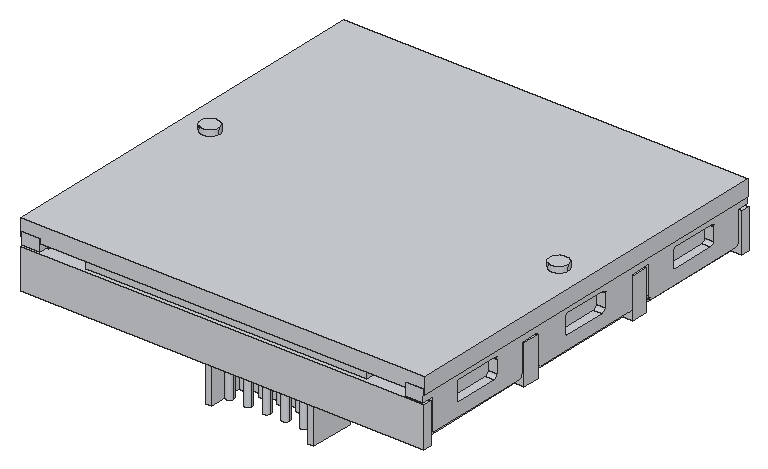
Revit family "Gira_510300", category Generic Models, host Face, Revit 2017
Family settings
  Host = Face
  Can host rebar = No
  Round Connector Dimension = Use Diameter
  Part Type = Normal
  Cut with Voids When Loaded = No
  Shared = No
  Room Calculation Point = No
Parameters (values of type "RF PB sens. 3-g KNX")
  With room temperature controller = no
  With label area = no
  With display = no
  With anti-theft/dismantling protection = no
  With IR sensor = no
  URL = "https://www.gira.de/"
  Type Comments = ""
  Transparent = no
  Surface protection = "Sonstige (*de-DE)"
  Surface finishing = "Not applicable"
  Number of buttons = 3
  Number of actuation points = 6
  Model = ""
  Material quality = "Sonstige (*de-DE)"
  Material = "Sonstige (*de-DE)"
  Manufacturer = "Gira"
  Keynote = ""
  HeinzeBIM = "https://www.heinze.de/bim/rf-pb-sens-3-g-knx/c2e1978726a777219db44485629d34b0aefbabc7"
  HAN = "510300"
  GTIN = "4010337017257"
  Description = "RF PB sens.3g KNX KNX RF pushbutton sensor 3-gang System 55   Gira E22 Start-up rocker The KNX RF pushbutton sensors transmit KNX telegrams wirelessly when the button is pressed, depending on the parameter settings when the application program is loaded. These could be e.g. telegrams for switching pressing, for dimming or blind control. It is also possible to program encoder functions (dimming encoders and scene auxiliary units).,Features: - Confirmation function as well as transmit and status display via two-colour LED (red green) separately for each button by 2-stage display function. - Optional status display by separate 1-bit status communication objects. - Transmit and confirmation display deactivatable. - The pushbutton sensor can be attached to walls using screws or affixed to smooth or transparent surfaces using a mounting plate. - Project planning, start-up and parameter setting are performed using ETS (version 5 or later). - Battery-operated device. Switching\" function: - Rocker or button function. - Command for pressing and releasing can be parameterised (ON, OFF, CHANGE, no reaction). \"Dimming\" function: - Rocker function. - Command when the rocker is pressed (right and left button) can be set in the parameters (lighter - ON, darker - OFF). \"Blind\" function: - Rocker function. - Command when the rocker is pressed (right and left button) can be set in the parameters (ON, OFF, CHANGE). - Time between short and long-term command can be set in the parameters. \"Value transmitter\" and \"Scene auxiliary unit\" functions: - Rocker function. - Command when the rocker is pressed (right and left button) can be set in the parameters (values 0 to 255, 0 to 100% or scene number). - With scene auxiliary unit: Memory function possible.,Notes : - Batteries are consumables and must be replaced regularly. Please observe the regulations on the disposal of used batteries. - The pushbutton sensor is supplied with a program-neutral start-up rocker. The suitable rocker set for the design line must be ordered separately. - The range can be reduced when using rocker sets and or cover frames.\""
  Default Elevation = 1219.2 mm
  Cost = 0
  Colour = "Sonstige (*de-DE)"
  Bus connection included = no
  BIMSITE_PRODUCT_ID = "c2e1978726a777219db44485629d34b0aefbabc7"
  BIM = "https://media.live.bim.site/t/eyJhbGciOiJIUzI1NiIsInR5cCI6IkpXVCJ9.eyJjdCI6MSwidGYiOiJwdWJsaWMvZ2lyYS8wOWY1ZGI1L1NZUzU1X1Rhc3RzZW5zb3IucmZhIiwiY2lkIjoiZmVkOThlOWEtMWJkOC00YzY4LWE3M2ItNzRhOTRlMzE1ODIzIiwicmlkIjoiNTA4YWQ4NTczMzBmMGExMmYzOWVkYjllZDNkYTJiZTEiLCJwaWQiOiJjMmUxOTc4NzI2YTc3NzIxOWRiNDQ0ODU2MjlkMzRiMGFlZmJhYmM3Iiwic2lkIjoiNjM0NzAiLCJ1dCI6NSwibGMiOiJlbiIsImlhdCI6MTYwNzQ0MTc2MSwiaXNzIjoiaHR0cHM6Ly9hcGkubGl2ZS5iaW0uc2l0ZSIsInN1YiI6IjhkM2FhNWNiLWUwNjYtNDU5OC1iZTE2LTZlMTZlZTc0OTU2YSJ9.gYkx0-MF0qGeVHjFl4kVQOYfbABWUJ2Arncg4Ly8rng/SYS55_Tastsensor.rfa"
  Assembly Code = ""
Reference planes
  plane 1 "Center (Front/Back)": y = 0
  plane 2: z = 0
  plane 3 "Center (Left/Right)": x = 0
Forms (mm)
  Extrusion 1, solid, detail levels fine
    sketch origin (0, 0, 0) x (1, 0, 0) y (0, 1, 0)
      loop
        line (-6.6, -21.3) -> (-6.6, -16) -> (6.6, -16) -> (6.6, -21.3) -> (7.4, -21.3) -> (7.4, -15.2) -> (-7.4, -15.2) -> (-7.4, -21.3) -> (-6.6, -21.3)
    from -9.5 to -1.5
  Extrusion 2, solid, detail levels fine
    sketch origin (0, 0, 0) x (1, 0, 0) y (0, 1, 0)
      loop
        circle (-5.08, -17.5) r 0.5
      loop
        circle (-2.54, -17.48) r 0.5
      loop
        circle (0, -17.5) r 0.5
      loop
        circle (2.54, -17.48) r 0.5
      loop
        circle (5.08, -17.5) r 0.5
      loop
        circle (5.08, -20.04) r 0.5
      loop
        circle (2.54, -20.02) r 0.5
      loop
        circle (0, -20.04) r 0.5
      loop
        circle (-2.54, -20.02) r 0.5
      loop
        circle (-5.08, -20.04) r 0.5
    from -8.48 to -1.5
  Extrusion 3, solid, detail levels fine
    sketch origin (0, 0, 0) x (1, 0, 0) y (0, 1, 0)
      loop
        arc (-23.95, -19.15) -> (-22.544, -22.544) -> (-19.15, -23.95) r 4.8
        line (-19.15, -23.95) -> (19.15, -23.95)
        arc (19.15, -23.95) -> (22.544, -22.544) -> (23.95, -19.15) r 4.8
        line (23.95, -19.15) -> (23.95, 19.15)
        arc (23.95, 19.15) -> (22.544, 22.544) -> (19.15, 23.95) r 4.8
        line (19.15, 23.95) -> (-19.15, 23.95)
        arc (-19.15, 23.95) -> (-22.544, 22.544) -> (-23.95, 19.15) r 4.8
        line (-23.95, 19.15) -> (-23.95, -19.15)
    from -1.5 to 0.5
  Extrusion 4, solid, detail levels fine
    sketch origin (0, 0, 0) x (1, 0, 0) y (0, 1, 0)
      loop
        line (27.6, -27.7) -> (27.6, -26.6) -> (26.1, -26.6) -> (26.1, -10.4) -> (27.45, -10.4) -> (27.45, -8.1) -> (26.1, -8.1) -> (26.1, 8.1) -> (27.45, 8.1) -> (27.45, 10.4) -> (26.1, 10.4) -> (26.1, 26.6) -> (27.6, 26.6) -> (27.6, 27.7) -> (-27.6, 27.7) -> (-27.6, 26.6) -> (-26.1, 26.6) -> (-26.1, 10.4) -> (-27.45, 10.4) -> (-27.45, 8.1) -> (-26.1, 8.1) -> (-26.1, -8.1) -> (-27.45, -8.1) -> (-27.45, -10.4) -> (-26.1, -10.4) -> (-26.1, -26.6) -> (-27.6, -26.6) -> (-27.6, -27.7) -> (27.6, -27.7)
    from 0 to 5.44
  Extrusion 5, solid, detail levels fine
    sketch origin (0, 0, 0) x (0, 1, 0) y (0, 0, 1)
      loop
        arc (15.5, 5.92) -> (15.146, 5.774) -> (15, 5.42) r 0.5
        line (15, 5.42) -> (15, 3.62)
        arc (15, 3.62) -> (15.146, 3.267) -> (15.5, 3.12) r 0.5
        line (15.5, 3.12) -> (21.5, 3.12)
        arc (21.5, 3.12) -> (21.854, 3.267) -> (22, 3.62) r 0.5
        line (22, 3.62) -> (22, 5.42)
        arc (22, 5.42) -> (21.854, 5.774) -> (21.5, 5.92) r 0.5
        line (21.5, 5.92) -> (15.5, 5.92)
      loop
        line (11.4, 1.3) -> (25.6, 1.3)
        arc (25.6, 1.3) -> (25.954, 1.446) -> (26.1, 1.8) r 0.5
        line (26.1, 1.8) -> (26.1, 5.7) -> (27.65, 5.7) -> (27.635, 7.4) -> (-27.635, 7.4) -> (-27.65, 5.7) -> (-26.1, 5.7) -> (-26.1, 1.8)
        arc (-26.1, 1.8) -> (-25.954, 1.446) -> (-25.6, 1.3) r 0.5
        line (-25.6, 1.3) -> (-11.4, 1.3)
        arc (-11.4, 1.3) -> (-11.046, 1.446) -> (-10.9, 1.8) r 0.5
        line (-10.9, 1.8) -> (-10.9, 5.7) -> (-8.05, 5.7) -> (-8.05, 1.8)
        arc (-8.05, 1.8) -> (-7.904, 1.446) -> (-7.55, 1.3) r 0.5
        line (-7.55, 1.3) -> (7.55, 1.3)
        arc (7.55, 1.3) -> (7.904, 1.446) -> (8.05, 1.8) r 0.5
        line (8.05, 1.8) -> (8.05, 5.7) -> (10.9, 5.7) -> (10.9, 1.8)
        arc (10.9, 1.8) -> (11.046, 1.446) -> (11.4, 1.3) r 0.5
      loop
        line (3, 5.92) -> (-3, 5.92)
        arc (-3, 5.92) -> (-3.354, 5.774) -> (-3.5, 5.42) r 0.5
        line (-3.5, 5.42) -> (-3.5, 3.62)
        arc (-3.5, 3.62) -> (-3.354, 3.267) -> (-3, 3.12) r 0.5
        line (-3, 3.12) -> (3, 3.12)
        arc (3, 3.12) -> (3.354, 3.267) -> (3.5, 3.62) r 0.5
        line (3.5, 3.62) -> (3.5, 5.42)
        arc (3.5, 5.42) -> (3.354, 5.774) -> (3, 5.92) r 0.5
      loop
        arc (-15.5, 3.12) -> (-15.146, 3.267) -> (-15, 3.62) r 0.5
        line (-15, 3.62) -> (-15, 5.42)
        arc (-15, 5.42) -> (-15.146, 5.774) -> (-15.5, 5.92) r 0.5
        line (-15.5, 5.92) -> (-21.5, 5.92)
        arc (-21.5, 5.92) -> (-21.854, 5.774) -> (-22, 5.42) r 0.5
        line (-22, 5.42) -> (-22, 3.62)
        arc (-22, 3.62) -> (-21.854, 3.267) -> (-21.5, 3.12) r 0.5
        line (-21.5, 3.12) -> (-15.5, 3.12)
    from -27.45 to -25
  Extrusion 6, solid, detail levels fine
    sketch origin (0, 0, 0) x (0, 1, 0) y (0, 0, -1)
      loop
        line (15.5, -5.92) -> (21.5, -5.92)
        arc (21.5, -5.92) -> (21.854, -5.774) -> (22, -5.42) r 0.5
        line (22, -5.42) -> (22, -3.62)
        arc (22, -3.62) -> (21.854, -3.267) -> (21.5, -3.12) r 0.5
        line (21.5, -3.12) -> (15.5, -3.12)
        arc (15.5, -3.12) -> (15.146, -3.267) -> (15, -3.62) r 0.5
        line (15, -3.62) -> (15, -5.42)
        arc (15, -5.42) -> (15.146, -5.774) -> (15.5, -5.92) r 0.5
      loop
        arc (11.4, -1.3) -> (11.046, -1.446) -> (10.9, -1.8) r 0.5
        line (10.9, -1.8) -> (10.9, -5.7) -> (8.05, -5.7) -> (8.05, -1.8)
        arc (8.05, -1.8) -> (7.904, -1.446) -> (7.55, -1.3) r 0.5
        line (7.55, -1.3) -> (-7.55, -1.3)
        arc (-7.55, -1.3) -> (-7.904, -1.446) -> (-8.05, -1.8) r 0.5
        line (-8.05, -1.8) -> (-8.05, -5.7) -> (-10.9, -5.7) -> (-10.9, -1.8)
        arc (-10.9, -1.8) -> (-11.046, -1.446) -> (-11.4, -1.3) r 0.5
        line (-11.4, -1.3) -> (-25.6, -1.3)
        arc (-25.6, -1.3) -> (-25.954, -1.446) -> (-26.1, -1.8) r 0.5
        line (-26.1, -1.8) -> (-26.1, -5.7) -> (-27.65, -5.7) -> (-27.635, -7.4) -> (27.635, -7.4) -> (27.65, -5.7) -> (26.1, -5.7) -> (26.1, -1.8)
        arc (26.1, -1.8) -> (25.954, -1.446) -> (25.6, -1.3) r 0.5
        line (25.6, -1.3) -> (11.4, -1.3)
      loop
        arc (3, -5.92) -> (3.354, -5.774) -> (3.5, -5.42) r 0.5
        line (3.5, -5.42) -> (3.5, -3.62)
        arc (3.5, -3.62) -> (3.354, -3.267) -> (3, -3.12) r 0.5
        line (3, -3.12) -> (-3, -3.12)
        arc (-3, -3.12) -> (-3.354, -3.267) -> (-3.5, -3.62) r 0.5
        line (-3.5, -3.62) -> (-3.5, -5.42)
        arc (-3.5, -5.42) -> (-3.354, -5.774) -> (-3, -5.92) r 0.5
        line (-3, -5.92) -> (3, -5.92)
      loop
        line (-15.5, -3.12) -> (-21.5, -3.12)
        arc (-21.5, -3.12) -> (-21.854, -3.267) -> (-22, -3.62) r 0.5
        line (-22, -3.62) -> (-22, -5.42)
        arc (-22, -5.42) -> (-21.854, -5.774) -> (-21.5, -5.92) r 0.5
        line (-21.5, -5.92) -> (-15.5, -5.92)
        arc (-15.5, -5.92) -> (-15.146, -5.774) -> (-15, -5.42) r 0.5
        line (-15, -5.42) -> (-15, -3.62)
        arc (-15, -3.62) -> (-15.146, -3.267) -> (-15.5, -3.12) r 0.5
    from -27.45 to -25
  Extrusion 7, solid, detail levels fine
    sketch origin (-82.195, -64.588, 0) x (1, 0, 0) y (0, 1, 0)
      loop
        line (54.545, 36.952) -> (109.845, 36.952) -> (109.845, 92.223) -> (54.545, 92.223) -> (54.545, 36.952)
    from 6.703 to 8.9
  Extrusion 8, solid, detail levels fine
    sketch origin (0, 0, 0) x (1, 0, 0) y (0, 1, 0)
      loop
        line (-19.2, 27) -> (-19.2, -27) -> (19.2, -27) -> (19.2, 27) -> (-19.2, 27)
    from 5.44 to 8
  Extrusion 9, solid, detail levels fine
    sketch origin (0, 0, 0) x (1, 0, 0) y (0, 1, 0)
      loop
        circle (-23.85, 0) r 1.269
      loop
        circle (23.85, 0) r 1.269
    from 6.703 to 9.6
  Extrusion 10, solid, detail levels medium
    sketch origin (0, 0, 0) x (1, 0, 0) y (0, 1, 0)
      loop
        line (27.65, 27.7) -> (-27.65, 27.7) -> (-27.65, -27.7) -> (27.65, -27.7) -> (27.65, 27.7)
    from 0 to 9.6
  Extrusion 11, solid, detail levels medium
    sketch origin (0, 0, 0) x (1, 0, 0) y (0, 1, 0)
      loop
        line (-23.95, -23.95) -> (23.95, -23.95) -> (23.95, 23.95) -> (-23.95, 23.95) -> (-23.95, -23.95)
    from -1.5 to 0.5
  Extrusion 12, solid, detail levels medium
    sketch origin (0, 0, 0) x (1, 0, 0) y (0, 1, 0)
      loop
        line (-7.4, -21.3) -> (7.4, -21.3) -> (7.4, -15.2) -> (-7.4, -15.2) -> (-7.4, -21.3)
    from -9.5 to -1.5
  Extrusion 13, solid, detail levels coarse
    sketch origin (0, 0, 0) x (1, 0, 0) y (0, 1, 0)
      loop
        line (27.65, 27.7) -> (-27.65, 27.7) -> (-27.65, -27.7) -> (27.65, -27.7) -> (27.65, 27.7)
    from -9.5 to 9.6
Dimensions and locks
  aligned and locked: plane 2 to host face
  aligned and locked: level to host face
Connectors
  electrical at (0, 0, -9.5)
    settings: on Extrusion 13, index 1, voltage 220 V, apparent load 0 VA, apparent load phase1 0 VA, apparent load phase2 0 VA, apparent load phase3 0 VA, power factor 1, load classification "Other", number of poles 1, system type 30, power factor state 1, is connector primary yes, connector utility no, sub classification motor no, connector description ""
